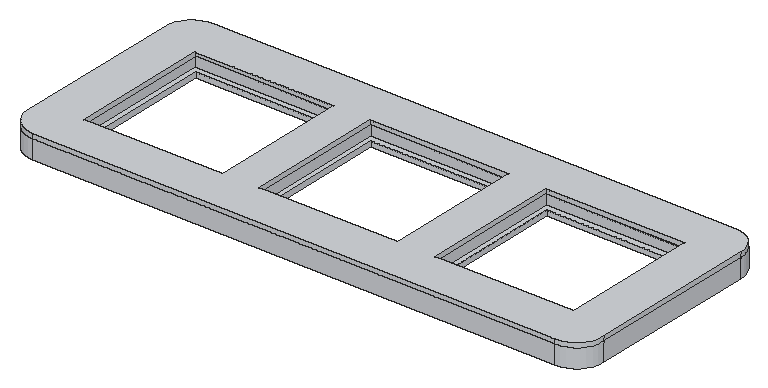
Revit family "Gira_0213421", category Electrical Fixtures, host Face, Revit 2017
Family settings
  Host = Face
  Maintain Annotation Orientation = No
  Round Connector Dimension = Use Diameter
  Part Type = Normal
  Cut with Voids When Loaded = No
  Shared = No
  Room Calculation Point = No
Parameters (values of type "Cov.fr. 3-g Gira E3 light grey/anthra.")
  URL = "http://katalog.gira.de/en/datenblatt.html?artikelnr=0213421"
  Transparent = "No"
  Name = "Cov.fr. 3-g Gira E3 light grey/anthra."
  Manufacturer URL = "https://www.gira.de/"
  Manufacturer = "Gira"
  Keynote = ""
  HeinzeBIM = "https://bimportal.heinze.de/bim/cov-fr-3-g-gira-e3-light-grey-anthra-/cc07a97cebb48bfb0f18a7e96422754460c915b1"
  HAN = "0213421"
  GTIN = "4010337023852"
  Description = "Cov.fr.3g E3 LgyAn,Gira E3 cover frame,light grey soft touch with anthracite intermediate frame,3-gang,Features:,- Shatter-proof.,,Notes :,- Soft-touch surface,- NCS value: approx. NCS S-2000 N"
  Default Elevation = 1219.2 mm
  Data sheet (1) = "https://katalog.gira.de/en/download.html?artikelnr=0213421"
  Category = "Cover frame for domestic switching devices"
  BIM (1) = "https://media.stage.bim.site/public/gira/36a6b08/E3_Rahmen_3fach.rfa"
  Available = "No"
Reference planes
  plane 1 "Center (Front/Back)": y = 0
  plane 2: z = 0
  plane 3 "Center (Left/Right)": x = 0
Forms (mm)
  Extrusion 1, solid, detail levels fine
    sketch origin (0, 0, 0) x (1, 0, 0) y (0, 1, 0)
      loop
        arc (-106.1, 45.809) -> (-113.884, 42.585) -> (-117.109, 34.8) r 11.009
        line (-117.109, 34.8) -> (-117.109, -34.8)
        arc (-117.109, -34.8) -> (-113.884, -42.585) -> (-106.1, -45.809) r 11.009
        line (-106.1, -45.809) -> (106.1, -45.809)
        arc (106.1, -45.809) -> (113.884, -42.585) -> (117.109, -34.8) r 11.009
        line (117.109, -34.8) -> (117.109, 34.8)
        arc (117.109, 34.8) -> (113.884, 42.585) -> (106.1, 45.809) r 11.009
        line (106.1, 45.809) -> (-106.1, 45.809)
      loop
        line (-43.2, 28.187) -> (-99.456, 28.187) -> (-99.456, -28.187) -> (-43.2, -28.187) -> (-43.2, 28.187)
      loop
        line (-28.3, 28.187) -> (-28.3, -28.187) -> (27.956, -28.187) -> (27.956, 28.187) -> (-28.3, 28.187)
      loop
        line (43.2, 28.187) -> (43.2, -28.187) -> (99.456, -28.187) -> (99.456, 28.187) -> (43.2, 28.187)
    from 7.65 to 9.5
  Extrusion 2, solid, detail levels fine
    sketch origin (-71.5, 0, 0) x (1, 0, 0) y (0, 1, 0)
      loop
        line (26.1, 25.7) -> (-25.7, 25.7) -> (-25.7, -25.7) -> (26.1, -25.7) -> (26.1, 25.7)
      loop
        line (-28.187, -28.156) -> (28.187, -28.156) -> (28.187, 28.156) -> (-28.187, 28.156) -> (-28.187, -28.156)
    from 1.65 to 3.9
  Extrusion 3, solid, detail levels fine
    sketch origin (0, 0, 0) x (1, 0, 0) y (0, 1, 0)
      loop
        arc (-106.1, 45.809) -> (-113.884, 42.585) -> (-117.109, 34.8) r 11.009
        line (-117.109, 34.8) -> (-117.109, -34.8)
        arc (-117.109, -34.8) -> (-113.884, -42.585) -> (-106.1, -45.809) r 11.009
        line (-106.1, -45.809) -> (106.1, -45.809)
        arc (106.1, -45.809) -> (113.884, -42.585) -> (117.109, -34.8) r 11.009
        line (117.109, -34.8) -> (117.109, 34.8)
        arc (117.109, 34.8) -> (113.884, 42.585) -> (106.1, 45.809) r 11.009
        line (106.1, 45.809) -> (-106.1, 45.809)
      loop
        line (-115.143, 34.785) -> (-115.143, -34.785)
        arc (-115.143, -34.785) -> (-112.49, -41.19) -> (-106.084, -43.843) r 9.058
        line (-106.084, -43.843) -> (106.084, -43.843)
        arc (106.084, -43.843) -> (112.49, -41.19) -> (115.143, -34.785) r 9.058
        line (115.143, -34.785) -> (115.143, 34.785)
        arc (115.143, 34.785) -> (112.49, 41.19) -> (106.084, 43.843) r 9.058
        line (106.084, 43.843) -> (-106.084, 43.843)
        arc (-106.084, 43.843) -> (-112.49, 41.19) -> (-115.143, 34.785) r 9.058
    from 0 to 7.65
  Extrusion 4, solid, detail levels fine
    sketch origin (-35.75, 0, 0) x (1, 0, 0) y (0, 1, 0)
      loop
        line (-62.956, -31.075) -> (62.956, -31.075)
        arc (62.956, -31.075) -> (65.599, -29.98) -> (66.694, -27.337) r 3.739
        line (66.694, -27.337) -> (66.694, 27.337)
        arc (66.694, 27.337) -> (65.599, 29.98) -> (62.956, 31.075) r 3.739
        line (62.956, 31.075) -> (-62.956, 31.075)
        arc (-62.956, 31.075) -> (-65.599, 29.98) -> (-66.694, 27.337) r 3.739
        line (-66.694, 27.337) -> (-66.694, -27.337)
        arc (-66.694, -27.337) -> (-65.599, -29.98) -> (-62.956, -31.075) r 3.739
      loop
        line (-65.544, 27.537) -> (-65.544, -27.537)
        arc (-65.544, -27.537) -> (-64.845, -29.226) -> (-63.156, -29.925) r 2.389
        line (-63.156, -29.925) -> (63.156, -29.925)
        arc (63.156, -29.925) -> (64.845, -29.226) -> (65.544, -27.537) r 2.389
        line (65.544, -27.537) -> (65.544, 27.537)
        arc (65.544, 27.537) -> (64.845, 29.226) -> (63.156, 29.925) r 2.389
        line (63.156, 29.925) -> (-63.156, 29.925)
        arc (-63.156, 29.925) -> (-64.845, 29.226) -> (-65.544, 27.537) r 2.389
    from 1.65 to 7.65
  Extrusion 5, solid, detail levels fine
    sketch origin (0, 0, 0) x (1, 0, 0) y (0, 1, 0)
      loop
        line (-103.367, -39.8) -> (103.368, -39.8)
        arc (103.368, -39.8) -> (108.982, -36.708) -> (111.215, -30.7) r 9.2
        line (111.215, -30.7) -> (111.215, 30.7)
        arc (111.215, 30.7) -> (108.52, 37.205) -> (102.015, 39.9) r 9.2
        line (102.015, 39.9) -> (-102.014, 39.9)
        arc (-102.014, 39.9) -> (-108.52, 37.205) -> (-111.214, 30.7) r 9.2
        line (-111.214, 30.7) -> (-111.214, -30.7)
        arc (-111.214, -30.7) -> (-108.982, -36.708) -> (-103.367, -39.8) r 9.2
      loop
        line (-102.014, -31.7) -> (102.015, -31.7)
        arc (102.015, -31.7) -> (102.722, -31.407) -> (103.015, -30.7) r 1
        line (103.015, -30.7) -> (103.015, 30.7)
        arc (103.015, 30.7) -> (102.722, 31.407) -> (102.015, 31.7) r 1
        line (102.015, 31.7) -> (-102.014, 31.7)
        arc (-102.014, 31.7) -> (-102.721, 31.407) -> (-103.014, 30.7) r 1
        line (-103.014, 30.7) -> (-103.014, -30.7)
        arc (-103.014, -30.7) -> (-102.721, -31.407) -> (-102.014, -31.7) r 1
    from 1.65 to 3.9
  Extrusion 6, solid, detail levels fine
    sketch origin (-71.5, 0, 0) x (1, 0, 0) y (0, 1, 0)
      loop
        line (-28.187, 28.156) -> (-28.187, -28.156) -> (28.187, -28.156) -> (28.187, 28.156) -> (-28.187, 28.156)
      loop
        line (-29.925, 29.925) -> (-29.925, -29.925) -> (29.925, -29.925) -> (29.925, 29.925) -> (-29.925, 29.925)
    from 1.65 to 7.65
  Extrusion 7, solid, detail levels coarse+medium
    sketch origin (0, 0, 0) x (1, 0, 0) y (0, 1, 0)
      loop
        line (-117.109, 45.809) -> (-117.109, -45.809) -> (117.109, -45.809) -> (117.109, 45.809) -> (-117.109, 45.809)
    from 0 to 9.5
  Extrusion 8, solid, detail levels fine
    sketch origin (0, 0, 0) x (-1, 0, 0) y (0, -1, 0)
      loop
        line (25.9, -25.7) -> (25.9, 25.7) -> (-25.9, 25.7) -> (-25.9, -25.7) -> (25.9, -25.7)
      loop
        line (-28.187, 28.156) -> (-28.187, -28.156) -> (28.187, -28.156) -> (28.187, 28.156) -> (-28.187, 28.156)
    from 1.65 to 3.9
  Extrusion 9, solid, detail levels fine
    sketch origin (0, 0, 0) x (-1, 0, 0) y (0, -1, 0)
      loop
        line (-28.187, -28.156) -> (28.187, -28.156) -> (28.187, 28.156) -> (-28.187, 28.156) -> (-28.187, -28.156)
      loop
        line (-29.925, -29.925) -> (29.925, -29.925) -> (29.925, 29.925) -> (-29.925, 29.925) -> (-29.925, -29.925)
    from 1.65 to 7.65
  Extrusion 10, solid, detail levels fine
    sketch origin (71.5, 0, 0) x (-1, 0, 0) y (0, -1, 0)
      loop
        line (26.1, -25.7) -> (26.1, 25.7) -> (-25.7, 25.7) -> (-25.7, -25.7) -> (26.1, -25.7)
      loop
        line (-28.187, 28.156) -> (-28.187, -28.156) -> (28.187, -28.156) -> (28.187, 28.156) -> (-28.187, 28.156)
    from 1.65 to 3.9
  Extrusion 11, solid, detail levels fine
    sketch origin (71.5, 0, 0) x (-1, 0, 0) y (0, -1, 0)
      loop
        line (-28.187, -28.156) -> (28.187, -28.156) -> (28.187, 28.156) -> (-28.187, 28.156) -> (-28.187, -28.156)
      loop
        line (-29.925, -29.925) -> (29.925, -29.925) -> (29.925, 29.925) -> (-29.925, 29.925) -> (-29.925, -29.925)
    from 1.65 to 7.65
Dimensions and locks
  aligned and locked: plane 2 to host face
  aligned and locked: level to host face
